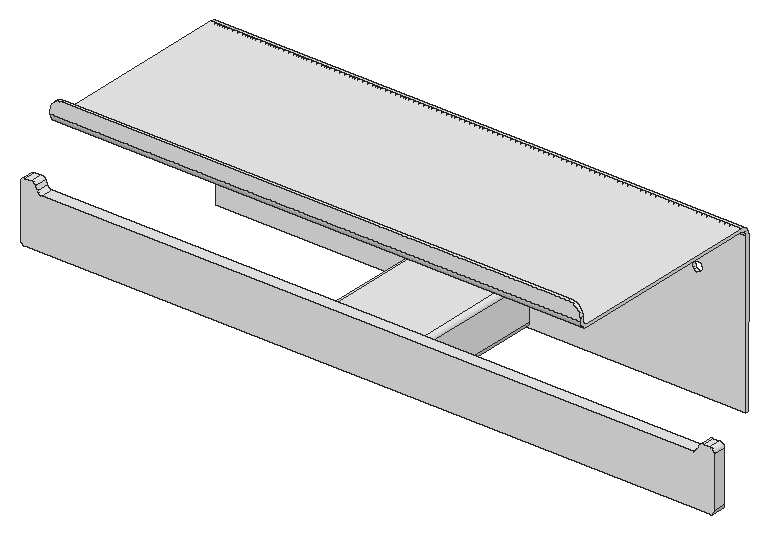
Revit family "rba-bim-rba1643-142", category Plumbing Fixtures, Revit 2018
Family settings
  Round Connector Dimension = Use Diameter
  Part Type = Normal
  Work Plane-Based = No
  Always vertical = Yes
  Cut with Voids When Loaded = No
  Shared = Yes
  Room Calculation Point = No
Parameters (values of type "RBA1643-142")
  Watermarked By = "www.rba.com.au"
  Waste Connection = yes
  Vent Connection = yes
  URL = ""
  Phone Number = "1300 788 778"
  Modified Issue = "20200408.01"
  Model = "RBA1643-142"
  Materials and Finishes = Chrome Plated Brass
  Manufacturer Model = ""
  Manufacturer = "RBA Group"  # constant formula
  HW Connection = yes
  Description = "äska Double Toilet Roll Holder with Shelf"
  Copyright by = "RBA Group"  # constant formula
  CW Connection = yes
Reference planes
  plane 1 "Center (Front/Back)": y = 0
  plane 2: z = 0
  plane 3 "Center (Left/Right)": x = 0
  plane 4: y = -87
  plane 5: z = 70
  plane 6: z = 48
Forms (mm)
  Extrusion 1, solid, material "Chrome Plated Brass" <- "Materials and Finishes"
    sketch origin (-1.5, -2, 0) x (1, 0, 0) y (0, 0, 1)
      loop
        arc (-16.5, 19.5) -> (-17.914, 18.914) -> (-18.5, 17.5) r 2
        line (-18.5, 17.5) -> (-18.5, 2.5)
        arc (-18.5, 2.5) -> (-17.914, 1.086) -> (-16.5, 0.5) r 2
        line (-16.5, 0.5) -> (19.5, 0.5)
        arc (19.5, 0.5) -> (20.914, 1.086) -> (21.5, 2.5) r 2
        line (21.5, 2.5) -> (21.5, 17.5)
        arc (21.5, 17.5) -> (20.914, 18.914) -> (19.5, 19.5) r 2
        line (19.5, 19.5) -> (-16.5, 19.5)
    from -0.8 to 53
  Extrusion 2, solid, material "Chrome Plated Brass" <- "Materials and Finishes"
    sketch origin (0, -2, 0) x (0, 1, 0) y (0, 0, 1)
      loop
        line (2, 0.5) -> (2, 66.5)
        arc (2, 66.5) -> (0.975, 68.975) -> (-1.5, 70) r 3.5
        line (-1.5, 70) -> (-81.53, 70)
        arc (-81.53, 70) -> (-83.135, 70.665) -> (-83.8, 72.27) r 2.27
        line (-83.8, 72.27) -> (-83.8, 78.3) -> (-85, 78.3) -> (-85, 72.27)
        arc (-85, 72.27) -> (-83.984, 69.816) -> (-81.53, 68.8) r 3.47
        line (-81.53, 68.8) -> (-1.5, 68.8)
        arc (-1.5, 68.8) -> (0.126, 68.126) -> (0.8, 66.5) r 2.3
        line (0.8, 66.5) -> (0.8, 0.5) -> (2, 0.5)
    from -110 to 110
  Extrusion 3, void
    sketch origin (0, -2, 0) x (1, 0, 0) y (0, 0, 1)
      loop
        circle (-90, 48) r 2
      loop
        circle (90, 48) r 2
    from -2 to 0
  Extrusion 4, solid, material "Chrome Plated Brass" <- "Materials and Finishes"
    sketch origin (0, 0, 0) x (1, 0, 0) y (0, 0, 1)
      loop
        line (-142, 0) -> (142, 0)
        arc (142, 0) -> (143.414, 0.586) -> (144, 2) r 2
        line (144, 2) -> (144, 23)
        arc (144, 23) -> (143.414, 24.414) -> (142, 25) r 2
        line (142, 25) -> (139.354, 25)
        arc (139.354, 25) -> (138.233, 24.656) -> (137.497, 23.743) r 2
        line (137.497, 23.743) -> (136.903, 22.257)
        arc (136.903, 22.257) -> (136.167, 21.344) -> (135.046, 21) r 2
        line (135.046, 21) -> (-135.046, 21)
        arc (-135.046, 21) -> (-136.167, 21.344) -> (-136.903, 22.257) r 2
        line (-136.903, 22.257) -> (-137.497, 23.743)
        arc (-137.497, 23.743) -> (-138.233, 24.656) -> (-139.354, 25) r 2
        line (-139.354, 25) -> (-142, 25)
        arc (-142, 25) -> (-143.414, 24.414) -> (-144, 23) r 2
        line (-144, 23) -> (-144, 2)
        arc (-144, 2) -> (-143.414, 0.586) -> (-142, 0) r 2
    from 55 to 60
  Extrusion 5, void
    sketch origin (0, -2, 0.8) x (1, 0, 0) y (0, 0, 1)
      loop
        arc (-110, 72.5) -> (-108.536, 76.036) -> (-105, 77.5) r 5
        line (-105, 77.5) -> (105, 77.5)
        arc (105, 77.5) -> (108.536, 76.036) -> (110, 72.5) r 5
        line (110, 72.5) -> (110, 85.5) -> (-110, 85.5) -> (-110, 72.5)
    from 80.594 to 85
Cuts and joins
  Extrusion 3, Extrusion 5 cuts Extrusion 2
Dimensions and locks
  aligned and locked: plane 2 to level
  aligned and locked: Extrusion 2 to Extrusion 3
